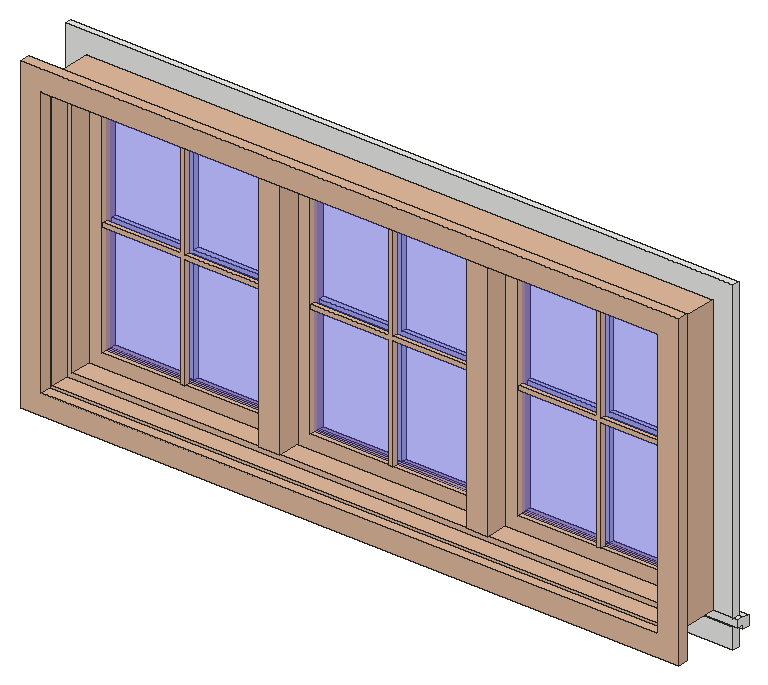
Revit family "M_Janela-toldo-triplo-horizontal", category Janelas, Revit 2019
Family settings
  Hospedeiro = Parede
  Número OmniClass = 23.30.20.17.21.14
  Título OmniClass = Casement Windows
  Sempre na vertical = Sim
  Corte com vazios quando carregada = Não
  Compartilhado = Não
  Ponto de cálculo do ambiente = Não
Parameters (values of type "1800 x 800mm")
  Janela aplicada [instance] = 0 mm
  Espessura da parede [instance] = 150 mm
  Largura do montante = Largura do caixilho - 57.15 mm * 2  # 464.533 mm
  Visual Light Transmittance = 0.81
  Resistência térmica (R) = 0.319569 (m²·K)/W
  Solar Heat Gain Coefficient = 0.76
  Um terceiro da largura = Largura / 3  # 600 mm
  Largura do caixilho = (Largura - 63.5 mm) / 3  # 578.833 mm
  Largura bruta = Largura + 15 mm  # 1815 mm
  Altura bruta = Altura + 15 mm  # 815 mm
  Visibilidade do montante central = yes
  Visibilidade do montante lateral = yes
  Padrão do montante = M_Padrão do montante_2x2 : M_Padrão do montante_2x2
  Fechamento da parede interior [instance] = 54.75 mm
  Visibilidade do recorte interior [instance] = yes
  Material da apara interior = Madeira – Manchada
  Recorte interior = M_Moldura-janela-interior-plana : Quadro
  Altura = 800 mm
  Material da moldura interior = Madeira – Manchada
  Coeficiente de transferência de calor (U) = 3.12929 W/(m²·K)
  Altura do montante = Altura - 69.85 mm * 2  # 660.3 mm
  Material do painel de vidro = Vidro
  Extensão do quadro [instance] = if(Visibilidade da apara externa, Janela aplicada + 6.35 mm, 6.35 mm)  # 6.35 mm
  Classificação de incêndio = "0.5h"
  Fechamento da parede externa [instance] = 31.75 mm
  Visibilidade da apara externa [instance] = yes
  Material da apara externa = Revestimento – Branco
  Apara externa = M_Recorte-Janela-Exterior-Plana : com peitoril
  Material da moldura exterior = Revestimento – Branco
  Visibilidade do umbral da extensão [instance] = and(Visibilidade do recorte interior, Espessura da parede - Janela aplicada > 95.25 mm)  # yes
  Umbral da extensão [instance] = if(Espessura da parede - Janela aplicada > 95.25 mm, Espessura da parede - Janela aplicada - 95.25 mm, 25.4 mm)  # 54.75 mm
  Altura-padrão do peitoril = 900 mm
  Fechamento da parede = Por hospedeiro
  Largura = 1800 mm
  Código de montagem = "B2020100"
  Construção analítica = "Vidraça dupla – residencial"
Reference planes
  plane 1 "Centro (Frente/Trás)": y = 0
  plane 2: z = 0
  plane 3 "Centro (Esquerda/Direita)": x = 0
  plane 4 "Esquerda": x = -900
  plane 5 "Direita": x = 900
  plane 6 "Peitoril": z = 900
  plane 7 "Superior": z = 1700
  plane 8 "Inset Face": y = 75
  plane 9 "Fechamento da parede": y = -20.25
  plane 10 "Face do caixilho": y = 87.7
  plane 11 "Exterior": y = 75
  plane 12: x = 887.3
  plane 13: x = -887.3
  plane 14: z = 1687.3
  plane 15: z = 912.7
  plane 16: x = 830.15
  plane 17: x = -830.15
  plane 18: z = 1630.15
  plane 19: z = 969.85
  plane 20: y = 55.95
  plane 21 "Vidro": y = 65.475
  plane 22 "Meio": z = 1300
  plane 23: x = 308.467
  plane 24: x = -308.467
  plane 25: x = 289.417
  plane 26: x = -289.417
  plane 27 "Umbral": y = -20.25
  plane 28 "Interior": y = -75
  plane 29: y = 94.05
  plane 30: x = -328.977
  plane 31: x = -298.942
  plane 32: x = -268.907
  plane 33: x = 298.942
  plane 34: y = 94.05
  plane 35: x = 365.617
  plane 36: x = -365.617
  plane 37: x = 597.883
  plane 38: x = -597.883
  plane 39: y = -20.25
  plane 40: y = 43.25
  plane 41: x = 232.267
  plane 42: x = -232.267
  plane 43: y = 94.05
  plane 44: y = 43.25
Forms (mm)
  Sweep 1, solid, material "Madeira – Manchada" <- "Material da moldura interior"
    path origin (0, 87.7, 0) x (-1, 0, 0) y (0, 0, 1)
      loop
        line (-900, 900) -> (900, 900) -> (900, 1700) -> (-900, 1700) -> (-900, 900)
    profile origin (900, 87.7, 1300) x (1, 0, 0) y (0, 1, 0)
      loop
        line (0, 6.35) -> (-12.7, 6.35) -> (-12.7, -44.45) -> (-31.75, -44.45) -> (-31.75, -107.95) -> (0, -107.95) -> (0, 6.35)
  Extrusion 2, solid, material "Madeira – Manchada" <- "Material da moldura interior", visible <- "Visibilidade do umbral da extensão"
    sketch origin (0, 0, 0) x (1, 0, 0) y (0, 0, 1)
      loop
        line (900, 1700) -> (-900, 1700) -> (-900, 900) -> (900, 900) -> (900, 1700)
      loop
        line (880.95, 919.05) -> (880.95, 1680.95) -> (-880.95, 1680.95) -> (-880.95, 919.05) -> (880.95, 919.05)
    from 20.25 to 75
  Sweep 3, solid, material "Madeira – Manchada" <- "Material da moldura interior"
    path origin (0, 87.7, 0) x (-1, 0, 0) y (0, 0, 1)
      loop
        line (-887.3, 1687.3) -> (-887.3, 912.7) -> (-308.467, 912.7) -> (-308.467, 1687.3) -> (-887.3, 1687.3)
    profile origin (887.3, 87.7, 1300) x (0, 1, 0) y (-1, 0, 0)
      loop
        line (0, 0) -> (0, 57.15) -> (-44.45, 57.15) -> (-44.45, 0) -> (0, 0)
  Sweep 4, solid, material "Madeira – Manchada" <- "Material da moldura interior"
    path origin (0, 87.7, 0) x (-1, 0, 0) y (0, 0, 1)
      loop
        line (308.467, 912.7) -> (887.3, 912.7) -> (887.3, 1687.3) -> (308.467, 1687.3) -> (308.467, 912.7)
    profile origin (-308.467, 87.7, 1300) x (1, 0, 0) y (0, 1, 0)
      loop
        line (0, 0) -> (-57.15, 0) -> (-57.15, -44.45) -> (0, -44.45) -> (0, 0)
  Extrusion 5, solid, material "Vidro" <- "Material do painel de vidro"
    sketch origin (0, 0, 900) x (0, -1, 0) y (1, 0, 0)
      loop
        line (-75, 365.617) -> (-68.65, 365.617) -> (-68.65, 830.15) -> (-75, 830.15) -> (-75, 365.617)
      loop
        line (-55.95, 830.15) -> (-62.3, 830.15) -> (-62.3, 365.617) -> (-55.95, 365.617) -> (-55.95, 830.15)
    from 69.85 to 730.15
  Extrusion 6, solid, material "Vidro" <- "Material do painel de vidro"
    sketch origin (-701.675, 0, 900) x (0, -1, 0) y (1, 0, 0)
      loop
        line (-75, -128.475) -> (-68.65, -128.475) -> (-68.65, 336.058) -> (-75, 336.058) -> (-75, -128.475)
      loop
        line (-55.95, 336.058) -> (-62.3, 336.058) -> (-62.3, -128.475) -> (-55.95, -128.475) -> (-55.95, 336.058)
    from 69.85 to 730.15
  Extrusion 7, solid, material "Vidro" <- "Material do painel de vidro"
    sketch origin (-543.892, 0, 900) x (0, -1, 0) y (1, 0, 0)
      loop
        line (-75, 311.625) -> (-68.65, 311.625) -> (-68.65, 776.158) -> (-75, 776.158) -> (-75, 311.625)
      loop
        line (-55.95, 776.158) -> (-62.3, 776.158) -> (-62.3, 311.625) -> (-55.95, 311.625) -> (-55.95, 776.158)
    from 69.85 to 730.15
  Sweep 8, solid, material "Madeira – Manchada" <- "Material da moldura interior"
    path origin (-601.042, 87.7, 0) x (-1, 0, 0) y (0, 0, 1)
      loop
        line (-890.458, 1687.3) -> (-890.458, 912.7) -> (-311.625, 912.7) -> (-311.625, 1687.3) -> (-890.458, 1687.3)
    profile origin (289.417, 87.7, 1300) x (0, 1, 0) y (-1, 0, 0)
      loop
        line (0, 0) -> (0, 57.15) -> (-44.45, 57.15) -> (-44.45, 0) -> (0, 0)
  Extrusion 9, solid, material "Madeira – Manchada" <- "Material da moldura interior"
    sketch origin (0, 0, 900) x (0, -1, 0) y (1, 0, 0)
      loop
        line (-94.05, -308.467) -> (-43.25, -308.467) -> (-43.25, -328.977) -> (20.25, -328.977) -> (20.25, -268.907) -> (-43.25, -268.907) -> (-43.25, -289.417) -> (-94.05, -289.417) -> (-94.05, -308.467)
      loop
        line (-94.05, 289.417) -> (-43.25, 289.417) -> (-43.25, 268.907) -> (20.25, 268.907) -> (20.25, 328.977) -> (-43.25, 328.977) -> (-43.25, 308.467) -> (-94.05, 308.467) -> (-94.05, 289.417)
    from 12.7 to 787.3
  Extrusion 10, void
    sketch origin (0, 0, 0) x (1, 0, 0) y (0, 0, 1)
      loop
        line (-328.977, 1680.95) -> (-328.977, 1668.25) -> (-268.907, 1668.25) -> (-268.907, 1680.95) -> (-328.977, 1680.95)
      loop
        line (268.907, 1680.95) -> (268.907, 1668.25) -> (328.977, 1668.25) -> (328.977, 1680.95) -> (268.907, 1680.95)
      loop
        line (-328.977, 931.75) -> (-328.977, 912.7) -> (-268.907, 912.7) -> (-268.907, 931.75) -> (-328.977, 931.75)
      loop
        line (268.907, 931.75) -> (268.907, 912.7) -> (328.977, 912.7) -> (328.977, 931.75) -> (268.907, 931.75)
    from -65.475 to 20.25
Cuts and joins
  Extrusion 10 cuts Extrusion 9
Lines and regions (mm)
  Opening 1
    outline origin (-1524, -75, 0) x (1, 0, 0) y (0, 0, 1)
      loop
        line (624, 1700) -> (624, 900) -> (2424, 900) -> (2424, 1700) -> (624, 1700)
  Split face 1
    outline origin (830.15, 87.7, 969.85) x (-1, 0, 0) y (0, -1, 0)
      loop
        line (464.533, 12.7) -> (0, 12.7)
  Split face 2
    outline origin (830.15, 87.7, 1630.15) x (0, 0, -1) y (0, -1, 0)
      loop
        line (0, 12.7) -> (660.3, 12.7)
  Split face 3
    outline origin (365.617, 87.7, 969.85) x (0, 0, 1) y (0, -1, 0)
      loop
        line (660.3, 12.7) -> (0, 12.7)
  Split face 4
    outline origin (365.617, 87.7, 1630.15) x (0, -1, 0) y (1, 0, 0)
      loop
        line (12.7, 0) -> (12.7, 464.533)
  Split face 5
    outline origin (-830.15, 43.25, 969.85) x (1, 0, 0) y (0, 1, 0)
      loop
        line (0, 31.75) -> (464.533, 31.75)
  Split face 6
    outline origin (-365.617, 43.25, 969.85) x (0, 0, 1) y (0, 1, 0)
      loop
        line (660.3, 31.75) -> (0, 31.75)
  Split face 7
    outline origin (-830.15, 43.25, 1630.15) x (0, 0, -1) y (0, 1, 0)
      loop
        line (660.3, 31.75) -> (0, 31.75)
  Split face 8
    outline origin (-365.617, 43.25, 1630.15) x (0, 1, 0) y (-1, 0, 0)
      loop
        line (31.75, 464.533) -> (31.75, 0)
  Split face 9
    outline origin (232.267, 87.7, 969.85) x (-1, 0, 0) y (0, -1, 0)
      loop
        line (464.533, 12.7) -> (0, 12.7)
  Split face 10
    outline origin (232.267, 87.7, 1630.15) x (0, 0, -1) y (0, -1, 0)
      loop
        line (0, 12.7) -> (660.3, 12.7)
  Split face 11
    outline origin (-232.267, 87.7, 969.85) x (0, 0, 1) y (0, -1, 0)
      loop
        line (660.3, 12.7) -> (0, 12.7)
  Split face 12
    outline origin (-232.267, 87.7, 1630.15) x (0, -1, 0) y (1, 0, 0)
      loop
        line (12.7, 0) -> (12.7, 464.533)
  symbolic lines, style "Giro da elevação"
    curve 1: line (308.467, 0, 1687.3) -> (887.3, 0, 1300)
    curve 2: line (887.3, 0, 1300) -> (308.467, 0, 912.7)
    curve 3: line (-308.467, 0, 1687.3) -> (-887.3, 0, 1300)
    curve 4: line (-887.3, 0, 1300) -> (-308.467, 0, 912.7)
Text (mm)
  text "EXTERIOR" at (-1490.695, 1293.036, 0), in view "Nível de referência"
  text "INTERIOR" at (-1490.695, -959.266, 0), in view "Nível de referência"
  text "Exterior" at (0, 1108.87, 3129.179), in view "Esquerda"
  text "Exterior" at (0, 464.664, 3176.206), in view "Direita"
Dimensions and locks
  equal spacing: plane 4 "Esquerda", plane 3 "Centro (Esquerda/Direita)", plane 5 "Direita"
  "Largura": plane 4 "Esquerda" to plane 5 "Direita"
  "Altura": plane 6 "Peitoril" to plane 7 "Superior"
  "Altura-padrão do peitoril": plane 2 to plane 6 "Peitoril"
  locked: plane 10 "Face do caixilho" to plane 8 "Inset Face" at 12.7
  "Espessura da parede": host wall to host wall
  "Janela aplicada": plane 11 "Exterior" to plane 8 "Inset Face"
  locked: Sweep 1 sketch curve to plane 5 "Direita" at 31.75
  locked: Sweep 1 sketch curve to plane 5 "Direita" at 12.7
  locked: plane 10 "Face do caixilho" to Sweep 1 sketch curve at 44.45
  locked: plane 12 to plane 5 "Direita" at 12.7
  locked: plane 4 "Esquerda" to plane 13 at 12.7
  locked: plane 14 to plane 7 "Superior" at 12.7
  locked: plane 6 "Peitoril" to plane 15 at 12.7
  locked: plane 16 to plane 12 at 57.15
  locked: plane 13 to plane 17 at 57.15
  locked: plane 18 to plane 14 at 57.15
  locked: plane 15 to plane 19 at 57.15
  locked: Extrusion 2 sketch curve to plane 7 "Superior" at 19.05
  locked: Extrusion 2 sketch curve to plane 5 "Direita" at 19.05
  locked: Extrusion 2 sketch curve to plane 4 "Esquerda" at 19.05
  locked: plane 6 "Peitoril" to Extrusion 2 sketch curve at 19.05
  plane 13 to plane 12 = 1774.6 mm
  plane 20 to Sweep 3 = 12.7 mm
  equal spacing: plane 8 "Inset Face", plane 21 "Vidro", plane 20
  locked: plane 8 "Inset Face" to plane 20 at 19.05
  equal spacing: plane 6 "Peitoril", plane 22 "Meio", plane 7 "Superior"
  plane 25 to plane 23 = 19.05 mm  (x2)
  plane 26 to plane 24 = 19.05 mm
  "Largura do caixilho": plane 23 to plane 12
  "Largura do caixilho": plane 13 to plane 24
  "Umbral da extensão": plane 27 "Umbral" to plane 28 "Interior"
  locked: plane 29 to plane 10 "Face do caixilho" at 6.35
  equal spacing: plane 30, plane 31, plane 32
  plane 30 to plane 32 = 60.07 mm
  equal spacing: plane 24, plane 31, plane 26
  equal spacing: plane 25, plane 33, plane 23
  locked: plane 34 to plane 11 "Exterior" at 19.05
  locked: plane 8 "Inset Face" to plane 9 "Fechamento da parede" at 95.25
  locked: plane 23 to plane 35 at 57.15
  locked: plane 36 to plane 24 at 57.15
  equal spacing: plane 35, plane 37, plane 16
  equal spacing: plane 17, plane 38, plane 36
  level to host wall = 5461 mm
  "Fechamento da parede interior": plane 39 to plane 28 "Interior"
  "Fechamento da parede externa": plane 11 "Exterior" to plane 40
  locked: plane 25 to plane 41 at 57.15
  locked: plane 42 to plane 26 at 57.15
  "Extensão do quadro": plane 43 to plane 10 "Face do caixilho"
  locked: plane 10 "Face do caixilho" to plane 44 at 44.45
  aligned and locked: plane 7 "Superior" to Opening 1 sketch curve
  aligned and locked: plane 6 "Peitoril" to Opening 1 sketch curve  (x2)
  aligned and locked: plane 5 "Direita" to Opening 1 sketch curve
  aligned and locked: plane 4 "Esquerda" to Opening 1 sketch curve
  aligned and locked: level to plane 2
  aligned and locked: host wall to plane 11 "Exterior"
  aligned and locked: plane 5 "Direita" to Sweep 1 sketch curve
  aligned and locked: plane 7 "Superior" to Sweep 1 sketch curve
  aligned and locked: Sweep 1 sketch curve to plane 4 "Esquerda"
  aligned and locked: Sweep 1 sketch curve to plane 6 "Peitoril"
  aligned and locked: Extrusion 2 sketch curve to host wall  (x3)
  aligned and locked: plane 7 "Superior" to Extrusion 2 sketch curve
  aligned and locked: host wall to Extrusion 2
  aligned and locked: Sweep 3 sketch curve to plane 12
  aligned and locked: plane 14 to Sweep 3 sketch curve
  aligned and locked: Sweep 3 sketch curve to plane 15
  aligned and locked: plane 16 to Sweep 3 sketch curve
  aligned and locked: Sweep 3 sketch curve to plane 10 "Face do caixilho"
  aligned and locked: plane 15 to Sweep 4 sketch curve
  aligned and locked: Sweep 4 sketch curve to plane 13
  aligned and locked: Sweep 4 sketch curve to plane 14
  aligned and locked: Split face 1 sketch curve to plane 8 "Inset Face"
  aligned and locked: plane 8 "Inset Face" to Split face 2 sketch curve
  aligned and locked: plane 8 "Inset Face" to Split face 3 sketch curve
  aligned and locked: Split face 4 sketch curve to plane 8 "Inset Face"
  aligned and locked: Extrusion 5 sketch curve to plane 8 "Inset Face"
  aligned and locked: plane 16 to Extrusion 5 sketch curve
  aligned and locked: Sweep 3 to Extrusion 5 sketch curve
  aligned and locked: Extrusion 5 sketch curve to plane 20
  aligned and locked: Extrusion 5 sketch curve to plane 16
  aligned and locked: Extrusion 5 sketch curve to Sweep 3
  aligned and locked: plane 18 to Extrusion 5
  aligned and locked: Extrusion 5 to plane 19
  aligned and locked: Extrusion 6 sketch curve to plane 8 "Inset Face"
  aligned and locked: plane 20 to Extrusion 6 sketch curve
  aligned and locked: Sweep 4 to Extrusion 6 sketch curve  (x2)
  aligned and locked: Extrusion 6 sketch curve to plane 17  (x2)
  aligned and locked: plane 22 "Meio" to curve 2
  aligned and locked: plane 22 "Meio" to curve 4
  aligned and locked: plane 14 to curve 1
  aligned and locked: plane 14 to curve 3
  aligned and locked: plane 15 to curve 2
  aligned and locked: plane 15 to curve 4
  aligned and locked: plane 18 to Extrusion 6
  aligned and locked: Split face 5 sketch curve to Extrusion 6
  aligned and locked: plane 8 "Inset Face" to Split face 6 sketch curve
  aligned and locked: Split face 7 sketch curve to plane 8 "Inset Face"
  aligned and locked: Split face 8 sketch curve to plane 8 "Inset Face"
  aligned and locked: plane 23 to Sweep 3 sketch curve
  aligned and locked: plane 24 to Sweep 4 sketch curve
  aligned and locked: Sweep 8 sketch curve to plane 25
  aligned and locked: Sweep 8 sketch curve to plane 26
  aligned and locked: plane 14 to Sweep 8 sketch curve
  aligned and locked: Sweep 8 sketch curve to plane 15
  aligned and locked: Sweep 8 to Extrusion 7 sketch curve  (x4)
  aligned and locked: Extrusion 7 to plane 19
  aligned and locked: plane 18 to Extrusion 7
  aligned and locked: curve 1 to Sweep 3
  aligned and locked: Sweep 3 to curve 2
  aligned and locked: Extrusion 7 sketch curve to plane 8 "Inset Face"
  aligned and locked: plane 20 to Extrusion 7 sketch curve
  aligned and locked: nested 1 to plane 21 "Vidro"
  aligned and locked: nested 2 to plane 21 "Vidro"
  aligned and locked: nested 3 to host wall
  aligned and locked: plane 3 "Centro (Esquerda/Direita)" to nested 3
  aligned and locked: nested 4 to host wall
  aligned and locked: nested 4 to plane 4 "Esquerda"
  aligned and locked: Extrusion 2 to plane 27 "Umbral"
  aligned and locked: plane 28 "Interior" to host wall
  aligned and locked: plane 9 "Fechamento da parede" to Sweep 1
  aligned and locked: plane 24 to Extrusion 9 sketch curve
  aligned and locked: plane 26 to Extrusion 9 sketch curve
  aligned and locked: Extrusion 9 sketch curve to plane 30
  aligned and locked: Extrusion 9 sketch curve to plane 32
  aligned and locked: Sweep 1 to Extrusion 9 sketch curve  (x3)
  aligned and locked: Sweep 4 to Extrusion 9
  aligned and locked: Extrusion 9 to Sweep 4
  aligned and locked: plane 25 to Extrusion 9 sketch curve
  aligned and locked: Extrusion 9 sketch curve to plane 23
  aligned and locked: Extrusion 2 to Extrusion 10 sketch curve  (x2)
  aligned and locked: plane 30 to Extrusion 10 sketch curve  (x2)
  aligned and locked: Extrusion 10 sketch curve to Sweep 1  (x4)
  aligned and locked: plane 32 to Extrusion 10 sketch curve  (x2)
  aligned and locked: Extrusion 10 sketch curve to Extrusion 9  (x4)
  aligned and locked: Extrusion 10 to plane 9 "Fechamento da parede"
  aligned and locked: Extrusion 10 sketch curve to plane 15  (x2)
  aligned and locked: nested 4 to plane 7 "Superior"
  aligned and locked: nested 3 to plane 7 "Superior"
  aligned and locked: nested 5 to plane 7 "Superior"
  aligned and locked: nested 5 to plane 5 "Direita"
  aligned and locked: nested 5 to plane 11 "Exterior"
  aligned and locked: plane 25 to cut or joined group of Extrusion 9, Extrusion 10
  aligned and locked: plane 26 to cut or joined group of Extrusion 9, Extrusion 10
  aligned and locked: nested 2 to plane 19
  aligned and locked: plane 19 to nested 1
  aligned and locked: nested 2 to plane 18
  aligned and locked: plane 18 to nested 1
  aligned and locked: nested 1 to plane 36
  aligned and locked: nested 1 to plane 17
  aligned and locked: nested 2 to plane 16
  aligned and locked: nested 2 to plane 35
  aligned and locked: plane 7 "Superior" to nested 6
  aligned and locked: nested 6 to plane 3 "Centro (Esquerda/Direita)"
  aligned and locked: plane 7 "Superior" to nested 7
  aligned and locked: plane 3 "Centro (Esquerda/Direita)" to nested 7
  aligned and locked: plane 21 "Vidro" to Extrusion 10
  aligned and locked: plane 42 to nested 8
  aligned and locked: plane 41 to nested 8
  aligned and locked: nested 8 to plane 19
  aligned and locked: nested 8 to plane 18
  aligned and locked: plane 21 "Vidro" to nested 8
  aligned and locked: Sweep 1 sketch curve to plane 43
  aligned and locked: plane 44 to Extrusion 9 sketch curve  (x2)
  aligned and locked: Extrusion 9 sketch curve to plane 44
  aligned and locked: Extrusion 9 sketch curve to plane 29
  aligned and locked: plane 29 to Extrusion 9 sketch curve
Automatic sketch dimensions
  Sweep 3 sketch curve to profile plane = 0 mm
  Sweep 3 sketch curve to plane 10 "Face do caixilho" = 44.45 mm
  Sweep 4 sketch curve to plane 10 "Face do caixilho" = 0 mm
  Sweep 4 sketch curve to profile plane = 0 mm
  profile plane to Sweep 4 sketch curve = 57.15 mm
  Sweep 4 sketch curve to plane 10 "Face do caixilho" = 44.45 mm
  Split face 1 sketch curve to Sweep 3 = 0 mm  (x2)
  Sweep 3 to Split face 2 sketch curve = 0 mm
  Split face 2 sketch curve to Sweep 3 = 0 mm
  Split face 3 sketch curve to Sweep 3 = 0 mm
  Sweep 3 to Split face 3 sketch curve = 0 mm
  Split face 4 sketch curve to Sweep 3 = 0 mm  (x2)
  plane 21 "Vidro" to Extrusion 5 sketch curve = 3.175 mm
  Extrusion 5 sketch curve to plane 21 "Vidro" = 3.175 mm
  plane 21 "Vidro" to Extrusion 6 sketch curve = 3.175 mm
  Extrusion 6 sketch curve to plane 21 "Vidro" = 3.175 mm
  Split face 5 sketch curve to Sweep 4 = 0 mm  (x2)
  Split face 6 sketch curve to Sweep 4 = 0 mm
  Sweep 4 to Split face 6 sketch curve = 0 mm
  Sweep 4 to Split face 7 sketch curve = 0 mm
  Split face 7 sketch curve to Sweep 4 = 0 mm
  Split face 8 sketch curve to Sweep 4 = 0 mm  (x2)
  plane 21 "Vidro" to Extrusion 7 sketch curve = 3.175 mm
  Extrusion 7 sketch curve to plane 21 "Vidro" = 3.175 mm
  Sweep 8 sketch curve to profile plane = 0 mm
  Sweep 8 sketch curve to plane 10 "Face do caixilho" = 0 mm
  Sweep 8 sketch curve to Sweep 8 sketch curve = 44.45 mm
  Sweep 8 sketch curve to profile plane = 57.15 mm
  Split face 9 sketch curve to Sweep 8 = 0 mm  (x2)
  Split face 9 sketch curve to Sweep 8 = 12.7 mm
  Sweep 8 to Split face 10 sketch curve = 0 mm
  Split face 10 sketch curve to Sweep 8 = 0 mm
  Split face 10 sketch curve to Sweep 8 = 12.7 mm
  Split face 11 sketch curve to Sweep 8 = 0 mm
  Sweep 8 to Split face 11 sketch curve = 0 mm
  Split face 11 sketch curve to Sweep 8 = 12.7 mm
  Split face 12 sketch curve to Sweep 8 = 0 mm  (x2)
  Split face 12 sketch curve to Sweep 8 = 12.7 mm
  plane 13 to curve 4 = 0 mm
  plane 12 to curve 2 = 0 mm
  plane 24 to curve 3 = 0 mm
  plane 24 to curve 4 = 0 mm
  Sweep 1 sketch curve to profile plane = 0 mm
  Sweep 1 sketch curve to Sweep 1 sketch curve = 63.5 mm
  plane 25 to Extrusion 9 sketch curve = 20.51 mm
  Extrusion 9 sketch curve to plane 23 = 20.51 mm
Nested families
  nested 1: "M_Padrão do montante_2x2" at (-597.883, 65.475, 969.85), Material interior <- "Material da moldura interior", Material externo <- "Material da moldura exterior", visible <- "Visibilidade do montante lateral", type <- "Padrão do montante", type "M_Padrão do montante_2x2"
    with Largura 464.533 mm, Material interior Madeira – Manchada, Altura 660.3 mm, Material externo Revestimento – Branco
  nested 2: "M_Padrão do montante_2x2" at (597.883, 65.475, 969.85) x (-1, 0, 0) z (0, 0, 1), Material interior <- "Material da moldura interior", Material externo <- "Material da moldura exterior", visible <- "Visibilidade do montante lateral", type <- "Padrão do montante", type "M_Padrão do montante_2x2"
    with Largura 464.533 mm, Material interior Madeira – Manchada, Altura 660.3 mm, Material externo Revestimento – Branco
  nested 3: "M_Plano-toldo" at (0, 75, 900), Largura <- "Um terceiro da largura", Janela aplicada <- "Janela aplicada", Altura <- "Altura", Espessura da parede <- "Espessura da parede", type "M_Plano-toldo"
    with Janela aplicada de 3D 0 mm, Janela aplicada 0 mm, Largura 600 mm, Espessura da parede 150 mm, Linha superior yes, Linha à direita no, Linha à esquerda no, Altura 800 mm, Linha inferior yes
  nested 4: "M_Plano-toldo" at (-600, 75, 900), Largura <- "Um terceiro da largura", Janela aplicada <- "Janela aplicada", Altura <- "Altura", Espessura da parede <- "Espessura da parede", type "M_Plano-toldo"
    with Janela aplicada de 3D 0 mm, Janela aplicada 0 mm, Largura 600 mm, Espessura da parede 150 mm, Linha superior yes, Linha à direita no, Linha à esquerda yes, Altura 800 mm, Linha inferior yes
  nested 5: "M_Plano-toldo" at (600, 75, 900), Janela aplicada <- "Janela aplicada", Largura <- "Um terceiro da largura", Altura <- "Altura", Espessura da parede <- "Espessura da parede", type "M_Plano-toldo"
    with Janela aplicada de 3D 0 mm, Janela aplicada 0 mm, Largura 600 mm, Espessura da parede 150 mm, Linha superior yes, Linha à direita yes, Linha à esquerda no, Altura 800 mm, Linha inferior yes
  nested 6: "M_Recorte-Janela-Exterior-Plana" at (0, 75, 1700) x (-1, 0, 0) z (0, 1, 0), visible <- "Visibilidade da apara externa", Material da apara <- "Material da apara externa", Largura da abertura <- "Largura", Altura da abertura <- "Altura", type <- "Apara externa", type "com peitoril"
    with Material da apara Revestimento – Branco, Largura da abertura 1800 mm, Altura da abertura 800 mm
  nested 7: "M_Moldura-janela-interior-plana" at (0, -75, 1700) x (1, 0, 0) z (0, -1, 0), visible <- "Visibilidade do recorte interior", Material da apara <- "Material da apara interior", Largura da abertura <- "Largura", Altura da abertura <- "Altura", type <- "Recorte interior", type "Quadro"
    with Material da apara Madeira – Manchada, Largura da abertura 1800 mm, Altura da abertura 800 mm
  nested 8: "M_Padrão do montante_2x2" at (0, 65.475, 969.85) x (-1, 0, 0) z (0, 0, 1), Material interior <- "Material da moldura interior", Material externo <- "Material da moldura exterior", visible <- "Visibilidade do montante central", type <- "Padrão do montante", type "M_Padrão do montante_2x2"
    with Largura 464.533 mm, Material interior Madeira – Manchada, Altura 660.3 mm, Material externo Revestimento – Branco
Definition of nested family "M_Padrão do montante_2x2"
  Parameters (values of type "M_Padrão do montante_2x2")
    Largura [instance] = 1200 mm
    Espessura = 12.7 mm
    Altura [instance] = 1200 mm
    Material interior [instance] = none
    Material externo [instance] = none
    Distância = 19.05 mm
  Reference planes
    plane 1 "Centro (Frente/Trás)": y = 0
    plane 2: z = 0
    plane 3 "Centro (Esquerda/Direita)": x = 0
    plane 4: z = 1200
    plane 5: x = -600
    plane 6: x = 600
    plane 7: z = 600
    plane 8: y = 9.525
    plane 9: y = 22.225
    plane 10: y = -9.525
    plane 11: y = -22.225
  Forms (mm)
    Extrusion 1, solid, material <- "Material interior", detail levels fine
      sketch origin (0, 0, 0) x (1, 0, 0) y (0, 0, 1)
        loop
          line (-600, 606.35) -> (-600, 593.65) -> (-6.35, 593.65) -> (-6.35, 0) -> (6.35, 0) -> (6.35, 593.65) -> (600, 593.65) -> (600, 606.35) -> (6.35, 606.35) -> (6.35, 1200) -> (-6.35, 1200) -> (-6.35, 606.35) -> (-600, 606.35)
      from 9.525 to 22.225
    Extrusion 2, solid, material <- "Material externo", detail levels fine
      sketch origin (0, 0, 0) x (1, 0, 0) y (0, 0, -1)
        loop
          line (-600, -606.35) -> (-6.35, -606.35) -> (-6.35, -1200) -> (6.35, -1200) -> (6.35, -606.35) -> (600, -606.35) -> (600, -593.65) -> (6.35, -593.65) -> (6.35, 0) -> (-6.35, 0) -> (-6.35, -593.65) -> (-600, -593.65) -> (-600, -606.35)
      from 9.525 to 22.225
  Lines and regions (mm)
    model lines, detail levels medium
      curve 1: line (0, 9.525, 1200) -> (0, 9.525, 0)
      curve 2: line (-600, -9.525, 600) -> (600, -9.525, 600)
      curve 3: line (-600, 9.525, 600) -> (600, 9.525, 600)
      curve 4: line (0, -9.525, 1200) -> (0, -9.525, 0)
  Dimensions and locks
    equal spacing: plane 6, plane 3 "Centro (Esquerda/Direita)", plane 5
    "Largura": plane 6 to plane 5
    "Altura": plane 4 to plane 2
    equal spacing: plane 4, plane 7, plane 2
    locked: plane 3 "Centro (Esquerda/Direita)" to Extrusion 1 sketch curve at 6.35  (x4)
    locked: Extrusion 1 sketch curve to plane 7 at 6.35  (x2)
    locked: plane 7 to Extrusion 1 sketch curve at 6.35  (x2)
    "Espessura": plane 9 to plane 8
    "Espessura": plane 10 to plane 11
    "Distância": plane 8 to plane 10
    equal spacing: plane 8, plane 1 "Centro (Frente/Trás)", plane 10
    aligned and locked: plane 2 to level
    aligned and locked: plane 4 to curve 1
    aligned and locked: plane 5 to curve 2
    aligned and locked: plane 2 to curve 1
    aligned and locked: plane 6 to curve 2
    aligned and locked: Extrusion 1 sketch curve to plane 4
    aligned and locked: Extrusion 1 sketch curve to plane 6
    aligned and locked: Extrusion 1 sketch curve to plane 5
    aligned and locked: Extrusion 1 sketch curve to level
    aligned and locked: Extrusion 1 to plane 11
    aligned and locked: plane 10 to Extrusion 1
    aligned and locked: Extrusion 2 to plane 5
    aligned and locked: plane 6 to Extrusion 2
    aligned and locked: Extrusion 2 to plane 8
    aligned and locked: plane 9 to Extrusion 2
    aligned and locked: Extrusion 2 to plane 2
    aligned and locked: plane 4 to Extrusion 2
    aligned and locked: plane 5 to curve 3
    aligned and locked: plane 6 to curve 3
    aligned and locked: plane 4 to curve 4
    aligned and locked: plane 2 to curve 4
    aligned and locked: plane 8 to curve 3
  Automatic sketch dimensions
    curve 2 to plane 7 = 0 mm
    Extrusion 2 sketch curve to plane 5 = 0 mm
    Extrusion 2 sketch curve to level = 0 mm
    Extrusion 2 sketch curve to plane 4 = 0 mm
    Extrusion 2 sketch curve to plane 6 = 0 mm
    Extrusion 2 sketch curve to plane 3 "Centro (Esquerda/Direita)" = 6.35 mm  (x2)
    plane 3 "Centro (Esquerda/Direita)" to Extrusion 2 sketch curve = 6.35 mm  (x2)
    plane 7 to Extrusion 2 sketch curve = 6.35 mm  (x2)
    Extrusion 2 sketch curve to plane 7 = 6.35 mm  (x2)
    curve 4 to plane 3 "Centro (Esquerda/Direita)" = 0 mm
    curve 4 to level = 0 mm
    curve 4 to plane 4 = 0 mm
    curve 3 to plane 6 = 0 mm
    curve 1 to plane 3 "Centro (Esquerda/Direita)" = 0 mm
    curve 3 to plane 5 = 0 mm
    curve 3 to plane 7 = 0 mm
Definition of nested family "M_Recorte-Janela-Exterior-Plana"
  Parameters (values of type "com peitoril")
    Largura da apara = 60 mm
    Espessura da apara_Quadro = 30 mm
    Espessura da apara_com peitoril = 19.05 mm
    Material da apara [instance] = none
    Espessura do peitoril = 30 mm
    Peitoril = yes
    Quadro = no
    Largura da abertura [instance] = 600 mm
    Altura da abertura [instance] = 900 mm
    Default Elevation = 1200 mm
  Types (2, lengths in mm): name | Peitoril | Quadro
    com peitoril | yes | no
    Quadro | no | yes
  Reference planes
    plane 1 "Centro (Frente/Trás)": y = 0
    plane 2: z = 0
    plane 3 "Centro (Esquerda/Direita)": x = 0
    plane 4: y = 60
    plane 5 "Esquerda": x = -300
    plane 6 "Direita": x = 300
    plane 7 "Inferior": y = -900
    plane 8: y = -930
    plane 9: y = -980.432
    plane 10: x = 360
    plane 11: x = -360
    plane 12: z = 19.05
    plane 13: z = 30
    plane 14: x = 372.7
    plane 15: x = -372.7
    plane 16: y = -920.432
    plane 17: y = -960
    plane 18: z = 12.7
    plane 19: y = -450
    plane 20: z = 38.1
  Forms (mm)
    Extrusion 1, solid
      sketch origin (0, 0, 0) x (1, 0, 0) y (0, 1, 0)
        loop
          line (-361.95, 57.15) -> (-361.95, -993.732) -> (361.95, -993.732) -> (361.95, 57.15) -> (-361.95, 57.15)
      from 0 to -304.8
    Extrusion 2, solid, material <- "Material da apara", visible <- "Peitoril"
      sketch origin (0, 0, 0) x (1, 0, 0) y (0, 1, 0)
        loop
          line (-360, -900) -> (-300, -900) -> (-300, 0) -> (300, 0) -> (300, -900) -> (360, -900) -> (360, 60) -> (-360, 60) -> (-360, -900)
      from 0 to 19.05
    Extrusion 3, solid, material <- "Material da apara", visible <- "Peitoril"
      sketch origin (0, 0, 0) x (0, 1, 0) y (0, 0, 1)
        loop
          line (-902.458, 38.1) -> (-930, 38.1) -> (-930, 19.05) -> (-920.432, 19.05) -> (-920.432, 0) -> (-900, 0) -> (-900, 19.05) -> (-902.458, 38.1)
      from -372.7 to 372.7
    Extrusion 4, solid, material <- "Material da apara", visible <- "Peitoril"
      sketch origin (0, 0, 0) x (1, 0, 0) y (0, 1, 0)
        loop
          line (-360, -920.432) -> (-360, -980.432) -> (360, -980.432) -> (360, -920.432) -> (-360, -920.432)
      from 0 to 19.05
    Extrusion 5, solid, material <- "Material da apara", visible <- "Quadro"
      sketch origin (0, 0, 0) x (1, 0, 0) y (0, 1, 0)
        loop
          line (-300, 0) -> (-300, -900) -> (300, -900) -> (300, 0) -> (-300, 0)
        loop
          line (-360, 60) -> (-360, -960) -> (360, -960) -> (360, 60) -> (-360, 60)
      from 0 to 30
  Dimensions and locks
    equal spacing: plane 5 "Esquerda", plane 3 "Centro (Esquerda/Direita)", plane 6 "Direita"
    "Largura da abertura": plane 5 "Esquerda" to plane 6 "Direita"
    "Altura da abertura": plane 7 "Inferior" to plane 1 "Centro (Frente/Trás)"
    "Espessura do peitoril": plane 7 "Inferior" to plane 8
    "Largura da apara": plane 11 to plane 5 "Esquerda"
    "Largura da apara": plane 6 "Direita" to plane 10
    "Largura da apara": plane 1 "Centro (Frente/Trás)" to plane 4
    locked: plane 15 to plane 11 at 12.7
    locked: plane 10 to plane 14 at 12.7
    locked: plane 16 to plane 8 at 9.568
    "Largura da apara": plane 9 to plane 16
    "Largura da apara": plane 17 to plane 7 "Inferior"
    locked: plane 18 to plane 2 at 12.7
    equal spacing: plane 7 "Inferior", plane 19, plane 1 "Centro (Frente/Trás)"
    locked: plane 20 to plane 12 at 19.05
    "Espessura da apara_com peitoril": plane 12 to plane 2
    "Espessura da apara_Quadro": plane 13 to plane 2
    aligned and locked: plane 2 to Extrusion 1
    aligned and locked: level to Extrusion 1
    aligned and locked: Extrusion 2 sketch curve to plane 5 "Esquerda"
    aligned and locked: Extrusion 2 sketch curve to plane 11
    aligned and locked: plane 7 "Inferior" to Extrusion 2 sketch curve  (x2)
    aligned and locked: plane 1 "Centro (Frente/Trás)" to Extrusion 2 sketch curve
    aligned and locked: plane 10 to Extrusion 2 sketch curve
    aligned and locked: Extrusion 2 sketch curve to plane 6 "Direita"
    aligned and locked: plane 12 to Extrusion 2
    aligned and locked: Extrusion 3 sketch curve to level
    aligned and locked: plane 7 "Inferior" to Extrusion 3 sketch curve
    aligned and locked: Extrusion 3 sketch curve to plane 8
    aligned and locked: plane 15 to Extrusion 3
    aligned and locked: Extrusion 3 to plane 14
    aligned and locked: plane 10 to Extrusion 4 sketch curve
    aligned and locked: Extrusion 4 sketch curve to plane 11
    aligned and locked: plane 16 to Extrusion 4 sketch curve
    aligned and locked: plane 9 to Extrusion 4 sketch curve
    aligned and locked: Extrusion 4 to Extrusion 2
    aligned and locked: Extrusion 2 sketch curve to plane 4
    aligned and locked: plane 1 "Centro (Frente/Trás)" to Extrusion 5 sketch curve
    aligned and locked: Extrusion 5 sketch curve to plane 4
    aligned and locked: Extrusion 5 sketch curve to plane 17
    aligned and locked: plane 7 "Inferior" to Extrusion 5 sketch curve
    aligned and locked: Extrusion 5 sketch curve to plane 6 "Direita"
    aligned and locked: plane 10 to Extrusion 5 sketch curve
    aligned and locked: Extrusion 5 sketch curve to plane 5 "Esquerda"
    aligned and locked: Extrusion 5 sketch curve to plane 11
    aligned and locked: plane 13 to Extrusion 5
    aligned and locked: plane 20 to Extrusion 3
  Automatic sketch dimensions
    Extrusion 1 sketch curve to Extrusion 1 sketch curve = 723.9 mm
    Extrusion 1 sketch curve to Extrusion 1 sketch curve = 1050.882 mm
    Extrusion 3 sketch curve to plane 16 = 0 mm
    Extrusion 3 sketch curve to plane 12 = 0 mm  (x2)
    Extrusion 3 sketch curve to plane 7 "Inferior" = 2.458 mm
    plane 13 to Extrusion 3 sketch curve = 8.1 mm
Definition of nested family "M_Moldura-janela-interior-plana"
  Parameters (values of type "com peitoril")
    Espessura da apara_Quadro = 30 mm
    Largura da apara = 60 mm
    Espessura da apara_com peitoril = 20 mm
    Material da apara [instance] = none
    Espessura do peitoril = 30 mm
    Peitoril = yes
    Quadro = no
    Largura da abertura [instance] = 600 mm
    Altura da abertura [instance] = 900 mm
    Default Elevation = 1200 mm
  Types (2, lengths in mm): name | Peitoril | Quadro
    com peitoril | yes | no
    Quadro | no | yes
  Reference planes
    plane 1 "Centro (Frente/Trás)": y = 0
    plane 2: z = 0
    plane 3 "Centro (Esquerda/Direita)": x = 0
    plane 4: y = 47.3
    plane 5 "Esquerda": x = -300
    plane 6 "Direita": x = 300
    plane 7 "Inferior": y = -900
    plane 8: y = -930
    plane 9: y = -980.432
    plane 10: x = 347.3
    plane 11: x = -347.3
    plane 12: z = 20
    plane 13: z = 30
    plane 14: x = 360
    plane 15: x = -360
    plane 16: y = -920.432
    plane 17: y = -947.3
    plane 18: z = 12.7
    plane 19: x = -287.3
    plane 20: y = -12.7
    plane 21: x = 287.3
    plane 22: y = -887.3
    plane 23: x = -334.6
    plane 24: x = 334.6
    plane 25: y = -450
  Forms (mm)
    Extrusion 1, solid
      sketch origin (0, 0, 0) x (1, 0, 0) y (0, 1, 0)
        loop
          line (-349.25, 44.45) -> (-349.25, -958.85) -> (349.25, -958.85) -> (349.25, 44.45) -> (-349.25, 44.45)
      from 0 to -304.8
    Extrusion 2, solid, material <- "Material da apara", visible <- "Peitoril"
      sketch origin (0, 0, 0) x (1, 0, 0) y (0, 1, 0)
        loop
          line (-334.6, -900) -> (-287.3, -900) -> (-287.3, 0) -> (287.3, 0) -> (287.3, -900) -> (334.6, -900) -> (334.6, 47.3) -> (-334.6, 47.3) -> (-334.6, -900)
      from 0 to 20
    Extrusion 3, solid, material <- "Material da apara", visible <- "Peitoril"
      sketch origin (0, 0, 0) x (0, 1, 0) y (0, 0, 1)
        loop
          line (-912.7, 39.05) -> (-920.432, 39.05) -> (-920.432, 0) -> (-900, 0) -> (-900, 26.35)
          arc (-900, 26.35) -> (-903.72, 35.33) -> (-912.7, 39.05) r 12.7
      from -347.3 to 347.3
    Extrusion 4, solid, material <- "Material da apara", visible <- "Peitoril"
      sketch origin (0, 0, 0) x (1, 0, 0) y (0, 1, 0)
        loop
          line (-334.6, -920.432) -> (-334.6, -980.432) -> (334.6, -980.432) -> (334.6, -920.432) -> (-334.6, -920.432)
      from 0 to 20
    Extrusion 5, solid, material <- "Material da apara", visible <- "Quadro"
      sketch origin (0, 0, 0) x (1, 0, 0) y (0, 1, 0)
        loop
          line (-287.3, -12.7) -> (-287.3, -887.3) -> (287.3, -887.3) -> (287.3, -12.7) -> (-287.3, -12.7)
        loop
          line (-347.3, 47.3) -> (-347.3, -947.3) -> (347.3, -947.3) -> (347.3, 47.3) -> (-347.3, 47.3)
      from 0 to 30
  Dimensions and locks
    equal spacing: plane 5 "Esquerda", plane 3 "Centro (Esquerda/Direita)", plane 6 "Direita"
    "Largura da abertura": plane 5 "Esquerda" to plane 6 "Direita"
    "Altura da abertura": plane 7 "Inferior" to plane 1 "Centro (Frente/Trás)"
    "Espessura do peitoril": plane 7 "Inferior" to plane 8
    "Largura da apara": plane 11 to plane 19
    "Largura da apara": plane 21 to plane 10
    "Largura da apara": plane 20 to plane 4
    "Espessura da apara_com peitoril": plane 12 to plane 2
    locked: plane 15 to plane 11 at 12.7
    locked: plane 10 to plane 14 at 12.7
    locked: plane 16 to plane 8 at 9.568
    "Largura da apara": plane 9 to plane 16
    "Largura da apara": plane 17 to plane 22
    plane 20 to plane 1 "Centro (Frente/Trás)" = 12.7 mm
    plane 5 "Esquerda" to plane 19 = 12.7 mm
    plane 21 to plane 6 "Direita" = 12.7 mm
    plane 22 to plane 7 "Inferior" = 12.7 mm
    locked: plane 11 to plane 23 at 12.7
    locked: plane 24 to plane 10 at 12.7
    equal spacing: plane 7 "Inferior", plane 25, plane 1 "Centro (Frente/Trás)"
    "Espessura da apara_Quadro": plane 13 to plane 2
    locked: Extrusion 3 to plane 12 at 19.05
    locked: plane 12 to Extrusion 3 sketch curve at 19.05
    radius of Extrusion 3 sketch curve = 12.7 mm
    aligned and locked: plane 2 to Extrusion 1
    aligned and locked: level to Extrusion 1
    aligned and locked: plane 7 "Inferior" to Extrusion 2 sketch curve  (x2)
    aligned and locked: plane 1 "Centro (Frente/Trás)" to Extrusion 2 sketch curve
    aligned and locked: plane 12 to Extrusion 2
    aligned and locked: Extrusion 3 sketch curve to level
    aligned and locked: plane 7 "Inferior" to Extrusion 3 sketch curve
    aligned and locked: plane 16 to Extrusion 4 sketch curve
    aligned and locked: plane 9 to Extrusion 4 sketch curve
    aligned and locked: Extrusion 2 sketch curve to plane 4
    aligned and locked: Extrusion 5 sketch curve to plane 4
    aligned and locked: Extrusion 5 sketch curve to plane 17
    aligned and locked: plane 10 to Extrusion 5 sketch curve
    aligned and locked: Extrusion 5 sketch curve to plane 11
    aligned and locked: plane 13 to Extrusion 5
    aligned and locked: Extrusion 5 sketch curve to plane 20
    aligned and locked: Extrusion 5 sketch curve to plane 19
    aligned and locked: Extrusion 5 sketch curve to plane 21
    aligned and locked: plane 22 to Extrusion 5 sketch curve
    aligned and locked: Extrusion 4 to plane 24
    aligned and locked: plane 11 to Extrusion 3
    aligned and locked: Extrusion 3 to plane 10
    aligned and locked: Extrusion 2 sketch curve to plane 21
    aligned and locked: Extrusion 2 sketch curve to plane 24
    aligned and locked: Extrusion 2 sketch curve to plane 19
    aligned and locked: Extrusion 2 sketch curve to plane 23
    aligned and locked: plane 12 to Extrusion 4
  Automatic sketch dimensions
    Extrusion 1 sketch curve to Extrusion 1 sketch curve = 698.5 mm
    Extrusion 1 sketch curve to Extrusion 1 sketch curve = 1003.3 mm
    Extrusion 3 sketch curve to plane 16 = 0 mm
    Extrusion 4 sketch curve to plane 11 = 12.7 mm
    Extrusion 4 sketch curve to plane 24 = 0 mm
Definition of nested family "M_Plano-toldo"
  Parameters (values of type "M_Plano-toldo")
    Janela aplicada [instance] = 50 mm
    Janela aplicada de 3D [instance] = if(Janela aplicada - 12.7 mm < 0 mm, 0 mm, if(Janela aplicada - 12.7 mm < Espessura da parede - 88.9 mm, Janela aplicada - 12.7 mm, Espessura da parede - 88.9 mm))  # 37.3 mm
    Width [instance] = 1200 mm
    Espessura da parede [instance] = 150 mm
    Linha superior [instance] = yes
    Rough Width = 930 mm
    Rough Height = 930 mm
    Linha à direita [instance] = yes
    Linha à esquerda [instance] = yes
    Height [instance] = 1200 mm
    Default Elevation = 1200 mm
    Linha inferior [instance] = yes
    Analytic Construction = "<Nenhum>"
  Reference planes
    plane 1 "Centro (Frente/Trás)": y = 0
    plane 2: z = 0
    plane 3 "Centro (Esquerda/Direita)": x = 0
    plane 4: x = -600
    plane 5: x = 600
    plane 6 "Umbral": y = -126.2
    plane 7: x = -587.3
    plane 8: x = -568.25
    plane 9: y = -37.3
    plane 10: y = -81.75
    plane 11: y = -59.525
    plane 12: x = -530.15
    plane 13: x = 587.3
    plane 14: x = 568.25
    plane 15: x = 530.15
    plane 16 "Janela aplicada": y = -50
    plane 17 "Parede": y = -150
    plane 18: z = 1200
    plane 19: z = 1187.3
    plane 20: z = 12.7
    plane 21: z = 1168.25
    plane 22: z = 31.75
    plane 23: z = 1130.15
    plane 24: z = 69.85
    plane 25: z = 600
  Lines and regions (mm)
    Masking region 1
      outline origin (0, 19.05, 0) x (1, 0, 0) y (0, 1, 0)
        loop
          line (-600, -169.05) -> (600, -169.05) -> (600, -19.05) -> (-600, -19.05) -> (-600, -169.05)
    Masking region 2
      outline origin (0, 0, 0) x (0, 1, 0) y (0, 0, 1)
        loop
          line (-150, 1200) -> (-150, 0) -> (0, 0) -> (0, 1200) -> (-150, 1200)
    symbolic lines
      curve 1: line (-587.3, -81.75, 0) -> (-568.25, -81.75, 0)
      curve 2: line (-568.25, -81.75, 0) -> (-568.25, -126.2, 0)
      curve 3: line (-587.3, -37.3, 0) -> (-587.3, -81.75, 0)
      curve 4: line (-530.15, -37.3, 0) -> (-530.15, -81.75, 0)
      curve 5: line (-530.15, -81.75, 0) -> (-568.25, -81.75, 0)
      curve 6: line (-530.15, -59.525, 0) -> (530.15, -59.525, 0)
      curve 7: line (568.25, -81.75, 0) -> (568.25, -126.2, 0)
      curve 8: line (587.3, -37.3, 0) -> (587.3, -81.75, 0)
      curve 9: line (530.15, -37.3, 0) -> (530.15, -81.75, 0)
      curve 10: line (530.15, -81.75, 0) -> (587.3, -81.75, 0)
      curve 11: line (-600, -126.2, 0) -> (-568.25, -126.2, 0)
      curve 12: line (568.25, -126.2, 0) -> (-568.25, -126.2, 0)
      curve 13: line (0, -81.75, 1168.25) -> (0, -126.2, 1168.25)
      curve 14: line (0, -126.2, 0) -> (0, -126.2, 31.75)
      curve 15: line (0, -37.3, 12.7) -> (0, -81.75, 12.7)
      curve 16: line (0, -81.75, 12.7) -> (0, -81.75, 69.85)
      curve 17: line (0, -81.75, 31.75) -> (0, -126.2, 31.75)
      curve 18: line (0, -37.3, 1200) -> (0, -37.3, 1130.15)
      curve 19: line (0, -37.3, 1130.15) -> (0, -81.75, 1130.15)
      curve 20: line (0, -81.75, 69.85) -> (0, -37.3, 69.85)
      curve 21: line (0, -59.525, 69.85) -> (0, -59.525, 1130.15)
      curve 22: line (0, -81.75, 1187.3) -> (0, -81.75, 1130.15)
      curve 23: line (530.15, -37.3, 0) -> (600, -37.3, 0)
      curve 24: line (530.15, -37.3, 0) -> (-530.15, -37.3, 0)
      curve 25: line (0, -37.3, 69.85) -> (0, -37.3, 0)
      curve 26: line (-530.15, -37.3, 0) -> (-600, -37.3, 0)
      curve 27: line (0, -37.3, 1130.15) -> (0, -37.3, 69.85)
      curve 32: line (568.25, -126.2, 0) -> (600, -126.2, 0)
      curve 33: line (0, -37.3, 1187.3) -> (0, -81.75, 1187.3)
      curve 34: line (0, -126.2, 1168.25) -> (0, -126.2, 1200)
      curve 35: line (0, -126.2, 31.75) -> (0, -126.2, 1168.25)
      curve 36: line (0, -81.75, 1187.3) -> (0, 505.55, 170.067)
      curve 37: arc (0, -81.75, 12.7) -> (0, 222.259, 52.724) -> (0, 505.55, 170.067) r 1174.6
    symbolic lines, visible <- "Linha superior"
      curve 28: line (0, 0, 1200) -> (0, -150, 1200)
    symbolic lines, visible <- "Linha inferior"
      curve 29: line (0, 0, 0) -> (0, -150, 0)
    symbolic lines, visible <- "Linha à esquerda"
      curve 30: line (-600, 0, 0) -> (-600, -150, 0)
    symbolic lines, visible <- "Linha à direita"
      curve 31: line (600, 0, 0) -> (600, -150, 0)
  Dimensions and locks
    "Width": plane 4 to plane 5
    equal spacing: plane 4, plane 3 "Centro (Esquerda/Direita)", plane 5
    plane 4 to plane 7 to plane 8 = 12.7 mm locked, 19.05 mm locked
    equal spacing: plane 9, plane 11, plane 10
    locked: plane 7 to plane 12 at 57.15
    plane 5 to plane 13 to plane 14 = 12.7 mm locked, 19.05 mm locked
    locked: plane 13 to plane 15 at 57.15
    locked: plane 9 to plane 16 "Janela aplicada" at 12.7
    locked: plane 9 to plane 10 at 44.45
    "Espessura da parede": plane 17 "Parede" to plane 1 "Centro (Frente/Trás)"
    "Height": plane 18 to plane 2
    locked: plane 18 to plane 19 at 12.7
    locked: plane 20 to plane 2 at 12.7
    locked: plane 19 to plane 21 at 19.05
    locked: plane 22 to plane 20 at 19.05
    locked: plane 19 to plane 23 at 57.15
    locked: plane 24 to plane 20 at 57.15
    locked: plane 10 to plane 6 "Umbral" at 44.45
    "Janela aplicada de 3D": plane 9 to plane 1 "Centro (Frente/Trás)"
    equal spacing: plane 18, plane 25, plane 2
    locked: plane 10 to curve 36 (angle 30.00°)
    aligned and locked: plane 2 to level
    aligned and locked: curve 2 to plane 8
    aligned and locked: curve 1 to plane 10
    aligned and locked: plane 4 to Masking region 1 sketch curve
    aligned and locked: Masking region 1 sketch curve to plane 5
    aligned and locked: plane 14 to curve 7
    aligned and locked: Masking region 1 sketch curve to plane 17 "Parede"
    aligned and locked: plane 1 "Centro (Frente/Trás)" to Masking region 1 sketch curve
    aligned and locked: Masking region 2 sketch curve to plane 18
    aligned and locked: plane 17 "Parede" to Masking region 2 sketch curve
    aligned and locked: level to Masking region 2 sketch curve
    aligned and locked: plane 6 "Umbral" to curve 14
    aligned and locked: plane 21 to curve 13
    aligned and locked: plane 22 to curve 17  (x2)
    aligned and locked: plane 10 to curve 16  (x2)
    aligned and locked: plane 20 to curve 15
    aligned and locked: curve 18 to plane 9
    aligned and locked: plane 23 to curve 19
    aligned and locked: curve 20 to plane 24
    aligned and locked: plane 11 to curve 21
    aligned and locked: plane 18 to curve 18
    aligned and locked: plane 9 to curve 15
    aligned and locked: plane 9 to curve 3
    aligned and locked: plane 19 to curve 22
    aligned and locked: plane 23 to curve 22
    aligned and locked: plane 9 to curve 24
    aligned and locked: plane 4 to curve 26
    aligned and locked: plane 9 to curve 25
    aligned and locked: plane 2 to curve 25
    aligned and locked: curve 4 to plane 12
    aligned and locked: plane 24 to curve 27
    aligned and locked: plane 1 "Centro (Frente/Trás)" to curve 28
    aligned and locked: plane 17 "Parede" to curve 28
    aligned and locked: curve 28 to plane 18
    aligned and locked: plane 17 "Parede" to curve 29
    aligned and locked: plane 1 "Centro (Frente/Trás)" to curve 29
    aligned and locked: curve 29 to plane 2
    aligned and locked: plane 4 to curve 11
    aligned and locked: plane 17 "Parede" to curve 31
    aligned and locked: curve 31 to plane 5
    aligned and locked: plane 5 to curve 32
    aligned and locked: plane 14 to curve 32
    aligned and locked: curve 32 to plane 6 "Umbral"
    aligned and locked: plane 17 "Parede" to curve 30
    aligned and locked: plane 9 to curve 33
    aligned and locked: plane 10 to curve 33
    aligned and locked: curve 33 to plane 19
    aligned and locked: plane 1 "Centro (Frente/Trás)" to curve 31
    aligned and locked: plane 1 "Centro (Frente/Trás)" to curve 30
    aligned and locked: plane 21 to curve 34
    aligned and locked: curve 35 to plane 6 "Umbral"
    aligned and locked: curve 34 to plane 6 "Umbral"
    aligned and locked: plane 20 to curve 37
    aligned and locked: plane 19 to curve 37
    aligned and locked: plane 10 to curve 37
  Automatic sketch dimensions
    curve 3 to plane 7 = 0 mm
    curve 9 to plane 15 = 0 mm
    curve 8 to plane 10 = 0 mm
    curve 8 to plane 13 = 0 mm
    curve 6 to plane 11 = 0 mm
    Masking region 2 sketch curve to plane 1 "Centro (Frente/Trás)" = 0 mm
Types in the file's own list only (8): name | Largura do montante | Transmissão de luz visual | Resistência térmica (R) | Coeficiente de ganho de calor solar | Um terceiro da largura | Largura do caixilho | Largura bruta | Altura bruta | Visibilidade do montante central | Visibilidade do montante lateral | Padrão do montante | Altura | Coeficiente de transferência de calor (U) | Altura do montante | Largura
  1500 x 450mm | 365 mm | 0.81 | 0.3196 (m²·K)/W | 0.76 | 500 mm | 479 mm | 1515 mm | 465 mm | Sim | Sim | M_Padrão do montante_2x2 | 450 mm | 3.1293 W/(m²·K) | 310 mm | 1500 mm
  1800 x 450mm | 465 mm | 0.81 | 0.3196 (m²·K)/W | 0.76 | 600 mm | 579 mm | 1815 mm | 465 mm | Sim | Sim | M_Padrão do montante_2x2 | 450 mm | 3.1293 W/(m²·K) | 310 mm | 1800 mm
  1500 x 500mm | 365 mm | 0.81 | 0.3196 (m²·K)/W | 0.76 | 500 mm | 479 mm | 1515 mm | 515 mm | Sim | Sim | M_Padrão do montante_2x2 | 500 mm | 3.1293 W/(m²·K) | 360 mm | 1500 mm
  1800 x 500mm | 465 mm | 0.81 | 0.3196 (m²·K)/W | 0.76 | 600 mm | 579 mm | 1815 mm | 515 mm | Sim | Sim | M_Padrão do montante_2x2 | 500 mm | 3.1293 W/(m²·K) | 360 mm | 1800 mm
  1500 x 600mm | 365 mm | 0.81 | 0.3196 (m²·K)/W | 0.76 | 500 mm | 479 mm | 1515 mm | 615 mm | Sim | Sim | M_Padrão do montante_2x2 | 600 mm | 3.1293 W/(m²·K) | 460 mm | 1500 mm
  1800 x 600mm | 465 mm | 0.81 | 0.3196 (m²·K)/W | 0.76 | 600 mm | 579 mm | 1815 mm | 615 mm | Sim | Sim | M_Padrão do montante_2x2 | 600 mm | 3.1293 W/(m²·K) | 460 mm | 1800 mm
  1500 x 700mm | 365 mm | 0.81 | 0.3196 (m²·K)/W | 0.76 | 500 mm | 479 mm | 1515 mm | 715 mm | Sim | Sim | M_Padrão do montante_2x2 | 700 mm | 3.1293 W/(m²·K) | 560 mm | 1500 mm
  1800 x 700mm | 465 mm | 0.81 | 0.3196 (m²·K)/W | 0.76 | 600 mm | 579 mm | 1815 mm | 715 mm | Sim | Sim | M_Padrão do montante_2x2 | 700 mm | 3.1293 W/(m²·K) | 560 mm | 1800 mm
